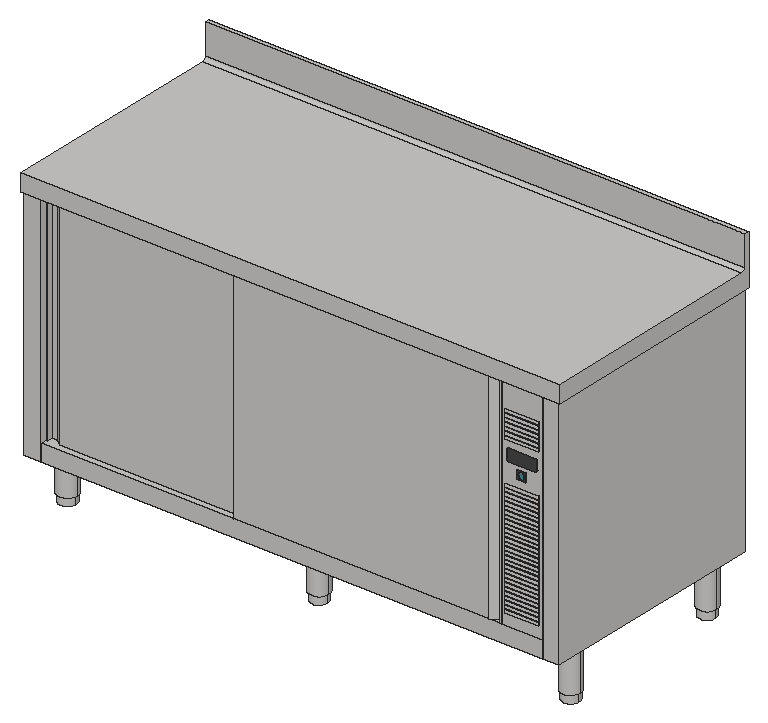
Revit family "QF_ELECTROLUXPROFESSIONAL_133095_TC1610EN", category Attrezzature speciali, Revit 2020
Family settings
  Quota connettore circolare = Usa diametro
  Tipo di parte = Normale
  Basato su piano di lavoro = No
  Sempre verticale = Sì
  Taglio con vuoti quando caricato = No
  Condiviso = No
  Punto di calcolo locali = No
Parameters (values of type "Standard")
  Weight = 65.00 kg
  Watts = 2400 W
  Volts = 220 V
  URL Manufacturer = "https://www.electroluxprofessional.com/"
  URL = "https://www.electroluxprofessional.com/"
  Steam Supply Size = 0 mm
  Steam Supply Minimum Pressure = 0.0 Pa
  Steam Supply Maximum Pressure = 0.0 Pa
  Steam Consumption per Hour = 0
  Refrigeration Suction Line Size = 0.0 mm
  Refrigeration Liquid Line Size = 0.0 mm
  Refrigerant Compressor Remote = yes
  Prospetto di default = 0.0 mm
  Produttore = "Electrolux Professional"
  Phase = 1
  Modello = "TC1610EN"
  Length Actual = 1600.0 mm  # constant formula
  Item Number = "133095"
  Hot Water Size = 0 mm
  Height Actual = 1000.0 mm  # constant formula
  HP = "3.2 HP"
  Gas Size = 0 mm
  Gas KW = 0
  Gas Input Pressure = 0 W
  Direct Waste Size = 0 mm
  Descrizione = "HOT CUPBOARD WITH UPSTAND 1600 MM"
  Depth Actual = 700.0 mm  # constant formula
  Cycle = 50 Hz
  Condensate Return Size = 0 mm
  Compressed Air Volume = 0.0 L/s
  Compressed Air Size = 0 mm
  Compressed Air Pressure = 0.0 Pa
  Cold Water Size = 0 mm
  Accessory = yes
Reference planes
  plane 1 "Center (Front/Back)": y = 0
  plane 2: z = 0
  plane 3 "Center (Left/Right)": x = -300
  plane 4 "LEFT": x = -1100
  plane 5 "RIGHT": x = 500
  plane 6 "BACK": y = 350
  plane 7 "FRONT": y = -350
  plane 8 "Base": z = 850
  plane 9 "TOP": z = 900
  plane 10: x = -1046.5
  plane 11: x = 446.5
  plane 12: y = 264.5
  plane 13: y = -241.5
  plane 14 "BodyLeft": x = -1094.5
  plane 15 "BodyFront": y = -344.5
  plane 16 "BodyRight": x = 494.5
  plane 17 "BodyBack": y = 344.5
  plane 18 "FEET": z = 150
  plane 19: x = 324.5
  plane 20: x = -361
  plane 21: x = 444.5
  plane 22 "EIx": x = 400
  plane 23 "EIy": y = -170
Forms (mm)
  Extrusion 1, solid, material "QF_Finishes_Stainless Steel"
    sketch origin (-300, 0, 0) x (0, 1, 0) y (0, 0, 1)
      loop
        line (-350, 850) -> (350, 850) -> (350, 1000) -> (337, 1000) -> (337, 910)
        arc (337, 910) -> (334.071, 902.929) -> (327, 900) r 10
        line (327, 900) -> (-350, 900) -> (-350, 850)
    from 800 to -800
  Extrusion 2, solid, material "QF_Finishes_Stainless Steel"
    sketch origin (0, 0, 150) x (-1, 0, 0) y (0, -1, 0)
      loop
        line (1094.5, -344.5) -> (1094.5, 344.5) -> (1044.5, 344.5) -> (1044.5, -344.5) -> (1094.5, -344.5)
      loop
        line (-444.5, -344.5) -> (-444.5, 344.5) -> (-494.5, 344.5) -> (-494.5, -344.5) -> (-444.5, -344.5)
    from 0 to 700
  Extrusion 3, solid, material "QF_Finishes_Stainless Steel"
    sketch origin (0, 0, 150) x (-1, 0, 0) y (0, -1, 0)
      loop
        line (1044.5, -344.5) -> (1044.5, 344.5) -> (-444.5, 344.5) -> (-444.5, -344.5) -> (1044.5, -344.5)
    from 0 to 50
  Extrusion 4, solid, material "QF_Finishes_Stainless Steel"
    sketch origin (-1, 0, 150) x (-1, 0, 0) y (0, -1, 0)
      loop
        line (-325.5, 344.5) -> (-325.5, 324.5) -> (470.5, 324.5) -> (470.5, 344.5) -> (-285.5, 344.5) -> (-305.5, 329.5) -> (-320.5, 329.5) -> (-320.5, 344.5) -> (-325.5, 344.5)
    from 50 to 700
  Extrusion 5, solid, material "QF_Finishes_Stainless Steel"
    sketch origin (1, 20, 150) x (1, 0, 0) y (0, 1, 0)
      loop
        line (-1045.5, -344.5) -> (-1040.5, -344.5) -> (-1040.5, -329.5) -> (-1025.5, -329.5) -> (-1005.5, -344.5) -> (-251.5, -344.5) -> (-251.5, -324.5) -> (-1045.5, -324.5) -> (-1045.5, -344.5)
    from 50 to 700
  Extrusion 6, solid, material "QF_Finishes_Stainless Steel"
    sketch origin (0, 0, 0) x (1, 0, 0) y (0, 1, 0)
      loop
        line (-1044.5, -304.5) -> (324.5, -304.5) -> (324.5, 324.5) -> (-1044.5, 324.5) -> (-1044.5, -304.5)
    from 500 to 540
  Extrusion 7, solid, material "QF_Finishes_Stainless Steel"
    sketch origin (0, 0, 0) x (1, 0, 0) y (0, 1, 0)
      loop
        line (444.5, 344.5) -> (-1044.5, 344.5) -> (-1044.5, 324.5) -> (444.5, 324.5) -> (444.5, 344.5)
    from 200 to 850
  Extrusion 8, solid, material "QF_Finishes_Stainless Steel"
    sketch origin (0, 0, 150) x (-1, 0, 0) y (0, -1, 0)
      loop
        circle (-400, 170) r 10
    from 0 to -5
Cuts and joins
  joined: Extrusion 3, Extrusion 7
Lines and regions (mm)
  symbolic lines
    curve 1: line (500, 350, 900) -> (-1100, 350, 900)
    curve 2: line (-1100, 350, 900) -> (-1100, -350, 900)
    curve 3: line (-1100, -350, 900) -> (500, -350, 900)
    curve 4: line (500, -350, 900) -> (500, 350, 900)
    curve 15: line (500, 337, 900) -> (-1100, 337, 900)
  symbolic lines, style "SpecialityEquipmentHiddenLines"
    curve 5: line (-1094.5, 344.5, 150) -> (494.5, 344.5, 150)
    curve 6: line (-1094.5, -344.5, 150) -> (-1094.5, 344.5, 150)
    curve 7: line (494.5, -344.5, 150) -> (-1094.5, -344.5, 150)
    curve 8: line (494.5, 344.5, 150) -> (494.5, -344.5, 150)
    curve 9: line (-1045.5, -304.5, 150) -> (-249.5, -304.5, 150)
    curve 10: line (-249.5, -304.5, 150) -> (-249.5, -324.5, 150)
    curve 11: line (-1045.5, -324.5, 150) -> (324.5, -324.5, 150)
    curve 12: line (324.5, -324.5, 150) -> (324.5, -344.5, 150)
    curve 13: line (-1045.5, -304.5, 150) -> (-1045.5, -324.5, 150)
    curve 14: line (-471.5, -344.5, 0) -> (-471.5, -324.5, 0)
Dimensions and locks
  plane 4 "LEFT" to plane 5 "RIGHT" = 1600.0 mm
  equal spacing: plane 4 "LEFT", plane 3 "Center (Left/Right)", plane 5 "RIGHT"
  locked: plane 8 "Base" to level at 850
  plane 6 "BACK" to plane 7 "FRONT" = 700.0 mm
  equal spacing: plane 6 "BACK", plane 1 "Center (Front/Back)", plane 7 "FRONT"
  locked: plane 4 "LEFT" to plane 14 "BodyLeft" at 5.5
  locked: plane 16 "BodyRight" to plane 5 "RIGHT" at 5.5
  locked: plane 15 "BodyFront" to plane 7 "FRONT" at 5.5
  locked: plane 6 "BACK" to plane 17 "BodyBack" at 5.5
  locked: plane 14 "BodyLeft" to plane 10 at 48
  locked: plane 11 to plane 16 "BodyRight" at 48
  locked: plane 13 to plane 15 "BodyFront" at 103
  locked: plane 17 "BodyBack" to plane 12 at 80
  plane 10 to plane 11 = 1493.0 mm
  plane 12 to plane 13 = 506.0 mm
  locked: plane 14 "BodyLeft" to Extrusion 2 sketch curve at 50
  locked: Extrusion 2 sketch curve to Extrusion 2 sketch curve at 50
  equal spacing: plane 10, plane 20, plane 19
  locked: plane 21 to plane 16 "BodyRight" at 50
  locked: plane 19 to plane 21 at 120
  locked: Extrusion 4 sketch curve to plane 20 at 110.5
  locked: plane 20 to Extrusion 5 sketch curve at 110.5
  locked: plane 18 "FEET" to level at 150
  locked: plane 22 "EIx" to plane 5 "RIGHT" at 100
  plane 23 "EIy" to plane 7 "FRONT" = 180.0 mm
  locked: Extrusion 1 to level at 1000
  plane 9 "TOP" to level = 900.0 mm
  aligned and locked: level to plane 2
  aligned and locked: plane 10 to nested 1
  aligned and locked: nested 1 to plane 13
  aligned and locked: plane 11 to nested 2
  aligned and locked: nested 2 to plane 13
  aligned and locked: plane 11 to nested 4
  aligned and locked: nested 4 to plane 12
  aligned and locked: plane 10 to nested 3
  aligned and locked: nested 3 to plane 12
  aligned and locked: Extrusion 1 to plane 4 "LEFT"
  aligned and locked: plane 5 "RIGHT" to Extrusion 1
  aligned and locked: curve 2 to plane 4 "LEFT"
  aligned and locked: plane 17 "BodyBack" to Extrusion 2 sketch curve
  aligned and locked: Extrusion 2 sketch curve to plane 15 "BodyFront"
  aligned and locked: Extrusion 2 sketch curve to plane 14 "BodyLeft"
  aligned and locked: plane 16 "BodyRight" to Extrusion 2 sketch curve
  aligned and locked: Extrusion 2 sketch curve to plane 17 "BodyBack"
  aligned and locked: plane 15 "BodyFront" to Extrusion 2 sketch curve
  aligned and locked: Extrusion 3 sketch curve to plane 17 "BodyBack"
  aligned and locked: plane 15 "BodyFront" to Extrusion 3 sketch curve
  aligned and locked: plane 8 "Base" to Extrusion 2
  aligned and locked: plane 8 "Base" to Extrusion 4
  aligned and locked: Extrusion 4 to Extrusion 3
  aligned and locked: Extrusion 1 to plane 8 "Base"
  aligned and locked: plane 9 "TOP" to Extrusion 1
  aligned and locked: curve 5 to plane 17 "BodyBack"
  aligned and locked: plane 14 "BodyLeft" to curve 6
  aligned and locked: plane 15 "BodyFront" to curve 7
  aligned and locked: plane 16 "BodyRight" to curve 8
  aligned and locked: Extrusion 3 to Extrusion 2  (x2)
  aligned and locked: Extrusion 6 sketch curve to Extrusion 2
  aligned and locked: Extrusion 6 sketch curve to Extrusion 5
  aligned and locked: nested 5 to plane 21
  aligned and locked: Extrusion 7 sketch curve to Extrusion 2
  aligned and locked: Extrusion 6 sketch curve to plane 19
  aligned and locked: plane 3 "Center (Left/Right)" to nested 6
  aligned and locked: plane 3 "Center (Left/Right)" to nested 7
Automatic sketch dimensions
  Extrusion 8 sketch curve to plane 22 "EIx" = 0.0 mm
  Extrusion 8 sketch curve to plane 23 "EIy" = 0.0 mm
  curve 14 to plane 15 "BodyFront" = 0.0 mm
  plane 15 "BodyFront" to curve 14 = 20.0 mm
  curve 14 to plane 20 = 110.5 mm
  curve 3 to plane 7 "FRONT" = 0.0 mm
  curve 15 to plane 5 "RIGHT" = 0.0 mm
  curve 4 to plane 6 "BACK" = 0.0 mm
  curve 15 to plane 17 "BodyBack" = 7.5 mm
  Extrusion 1 sketch curve to plane 7 "FRONT" = 0.0 mm
  Extrusion 1 sketch curve to plane 9 "TOP" = 0.0 mm
  Extrusion 1 sketch curve to plane 6 "BACK" = 0.0 mm
  Extrusion 1 sketch curve to plane 8 "Base" = 0.0 mm
  Extrusion 1 sketch curve to plane 17 "BodyBack" = 17.5 mm
  Extrusion 1 sketch curve to plane 17 "BodyBack" = 7.5 mm
  Extrusion 1 sketch curve to Extrusion 1 sketch curve = 90.0 mm
  Extrusion 3 sketch curve to plane 21 = 0.0 mm
  plane 10 to Extrusion 3 sketch curve = 2.0 mm
  Extrusion 4 sketch curve to plane 19 = 0.0 mm
  Extrusion 4 sketch curve to plane 15 "BodyFront" = 0.0 mm  (x2)
  Extrusion 4 sketch curve to Extrusion 4 sketch curve = 5.0 mm
  Extrusion 4 sketch curve to Extrusion 4 sketch curve = 15.0 mm  (x2)
  Extrusion 4 sketch curve to Extrusion 4 sketch curve = 20.0 mm
  plane 15 "BodyFront" to Extrusion 4 sketch curve = 20.0 mm
  Extrusion 5 sketch curve to plane 15 "BodyFront" = 20.0 mm  (x2)
  Extrusion 5 sketch curve to plane 10 = 42.0 mm
  Extrusion 5 sketch curve to plane 10 = 22.0 mm
  Extrusion 5 sketch curve to plane 10 = 7.0 mm
  Extrusion 5 sketch curve to plane 10 = 2.0 mm
  Extrusion 5 sketch curve to Extrusion 5 sketch curve = 15.0 mm
  Extrusion 5 sketch curve to Extrusion 5 sketch curve = 20.0 mm
  Extrusion 6 sketch curve to plane 17 "BodyBack" = 20.0 mm
  Extrusion 7 sketch curve to plane 21 = 0.0 mm
  Extrusion 7 sketch curve to plane 17 "BodyBack" = 0.0 mm
  Extrusion 7 sketch curve to Extrusion 7 sketch curve = 20.0 mm
  curve 11 to plane 19 = 0.0 mm
  curve 7 to plane 15 "BodyFront" = 0.0 mm
  plane 3 "Center (Left/Right)" to curve 10 = 50.5 mm
  plane 10 to curve 13 = 1.0 mm
  plane 15 "BodyFront" to curve 9 = 40.0 mm
  plane 15 "BodyFront" to curve 13 = 20.0 mm
  radius of Extrusion 8 sketch curve = 10.0 mm
Nested families
  nested 1: "FEET_D58-150" at (-1046.5, -241.5, 0), type "FEET_D58-150"
  nested 2: "FEET_D58-150" at (446.5, -241.5, 0), type "FEET_D58-150"
  nested 3: "FEET_D58-150" at (-1046.5, 264.5, 0), type "FEET_D58-150"
  nested 4: "FEET_D58-150" at (446.5, 264.5, 0), type "FEET_D58-150"
  nested 5: "WT_PNL120x650" at (531.42, -304.5, 600) x (1, 0, 0) z (0, -1, 0), type "WT_PNL120x650"
    with Show Logo yes
  nested 6: "FEET_D58-150" at (-300, -241.5, 0), type "FEET_D58-150"
  nested 7: "FEET_D58-150" at (-300, 264.5, 0), type "FEET_D58-150"
Connectors
  electrical at (400, -170, 145)
    settings: on Extrusion 8, index 1, voltage 0 V, apparent load 0 VA, apparent load phase1 0 VA, apparent load phase2 0 VA, apparent load phase3 0 VA, power factor 1, load classification "Other", number of poles 1, system type 30, power factor state 1, is connector primary yes, connector utility no, sub classification motor no, connector description "Electrical connection"
Definition of nested family "FEET_D58-150"
  Parameters
    Default Elevation = 0.0 mm
    FEET = 150.0 mm
  Reference planes
    plane 1 "Center (Front/Back)": y = 0
    plane 2: z = 0
    plane 3 "Center (Left/Right)": x = 0
    plane 4: z = 150
  Forms (mm)
    Extrusion 1, solid
      sketch origin (0, 0, 0) x (1, 0, 0) y (0, 1, 0)
        loop
          circle (0, 0) r 25
      from 0 to 25
    Extrusion 2, solid
      sketch origin (0, 0, 0) x (1, 0, 0) y (0, 1, 0)
        loop
          circle (0.061, 0) r 29
      from 25 to 150 <- "FEET"
  Lines and regions (mm)
    symbolic lines
      curve 1: line (0, -1.503, 0) -> (0, 1.508, 0)
      curve 2: line (1.561, 0, 0) -> (-1.439, 0, 0)
  Dimensions and locks
    "FEET": plane 4 to plane 2
    aligned and locked: level to plane 2
  Automatic sketch dimensions
    plane 1 "Center (Front/Back)" to Extrusion 1 sketch curve = 0.0 mm
    Extrusion 1 sketch curve to plane 3 "Center (Left/Right)" = 0.0 mm
    plane 1 "Center (Front/Back)" to curve 2 = 0.0 mm
    curve 1 to plane 3 "Center (Left/Right)" = 0.0 mm
    curve 2 to plane 3 "Center (Left/Right)" = 1.439 mm
    plane 3 "Center (Left/Right)" to curve 2 = 1.561 mm
    plane 1 "Center (Front/Back)" to curve 1 = 1.503 mm
    curve 1 to plane 1 "Center (Front/Back)" = 1.508 mm
    plane 1 "Center (Front/Back)" to Extrusion 2 sketch curve = 0.0 mm
    plane 3 "Center (Left/Right)" to Extrusion 2 sketch curve = 0.061 mm
    radius of Extrusion 1 sketch curve = 25.0 mm
    radius of Extrusion 2 sketch curve = 29.0 mm
Definition of nested family "WT_PNL120x650"
  Parameters
    Show Logo [instance] = yes
    Default Elevation = 1219.2 mm
  Reference planes
    plane 1 "Center (Front/Back)": y = -75
    plane 2: z = 0
    plane 3 "Center (Left/Right)": x = -146.92
    plane 4: x = -206.92
    plane 5: x = -86.92
    plane 6: y = 250
    plane 7: y = -400
    plane 8 "TOP": z = 40
  Forms (mm)
    Extrusion 1, solid
      sketch origin (0, 0, 0) x (1, 0, 0) y (0, 1, 0)
        loop
          line (-1219.2, 1219.2) -> (-1219.2, -1219.2) -> (1219.2, -1219.2) -> (1219.2, 1219.2) -> (-1219.2, 1219.2)
      from 0 to -304.8
    Extrusion 2, solid
      sketch origin (0, 0, 0) x (1, 0, 0) y (0, 1, 0)
        loop
          line (-206.92, 250) -> (-206.92, -400) -> (-86.92, -400) -> (-86.92, 250) -> (-206.92, 250)
      from 0 to 40
    Extrusion 3, void
      sketch origin (0, 0, 40) x (-1, 0, 0) y (0, -1, 0)
        loop
          arc (101.92, -68.899) -> (103.795, -73.256) -> (108.247, -74.89) r 6
          line (108.247, -74.89) -> (185.92, -74.89)
          arc (185.92, -74.89) -> (190.163, -73.133) -> (191.92, -68.89) r 6
          line (191.92, -68.89) -> (191.92, -45.89)
          arc (191.92, -45.89) -> (190.163, -41.648) -> (185.92, -39.89) r 6
          line (185.92, -39.89) -> (107.92, -39.89)
          arc (107.92, -39.89) -> (103.677, -41.648) -> (101.92, -45.89) r 6
          line (101.92, -45.89) -> (101.92, -68.899)
        loop
          line (158.92, -27.89) -> (158.92, -2.89) -> (134.92, -2.89) -> (134.92, -27.89) -> (158.92, -27.89)
      from -2 to 0
    Extrusion 4, solid
      sketch origin (0, 0, 40) x (-1, 0, 0) y (0, -1, 0)
        loop
          line (185.92, -39.89) -> (107.92, -39.89)
          arc (107.92, -39.89) -> (103.677, -41.648) -> (101.92, -45.89) r 6
          line (101.92, -45.89) -> (101.92, -68.899)
          arc (101.92, -68.899) -> (103.795, -73.256) -> (108.247, -74.89) r 6
          line (108.247, -74.89) -> (185.92, -74.89)
          arc (185.92, -74.89) -> (190.163, -73.133) -> (191.92, -68.89) r 6
          line (191.92, -68.89) -> (191.92, -45.89)
          arc (191.92, -45.89) -> (190.163, -41.648) -> (185.92, -39.89) r 6
      from -2 to 1
    Extrusion 5, solid
      sketch origin (-146.92, 0, 0) x (0, 1, 0) y (0, 0, 1)
        loop
          line (95.896, 40) -> (104.899, 40) -> (95.896, 41.206) -> (95.896, 40)
        loop
          line (107.896, 40) -> (116.899, 40) -> (107.896, 41.206) -> (107.896, 40)
        loop
          line (119.896, 40) -> (128.899, 40) -> (119.896, 41.206) -> (119.896, 40)
        loop
          line (131.896, 40) -> (140.899, 40) -> (131.896, 41.206) -> (131.896, 40)
        loop
          line (143.896, 40) -> (152.899, 40) -> (143.896, 41.206) -> (143.896, 40)
        loop
          line (155.896, 40) -> (164.899, 40) -> (155.896, 41.206) -> (155.896, 40)
        loop
          line (167.896, 40) -> (176.899, 40) -> (167.896, 41.206) -> (167.896, 40)
        loop
          line (-102.104, 40) -> (-93.101, 40) -> (-102.104, 41.206) -> (-102.104, 40)
        loop
          line (-90.104, 40) -> (-81.101, 40) -> (-90.104, 41.206) -> (-90.104, 40)
        loop
          line (-78.104, 40) -> (-69.101, 40) -> (-78.104, 41.206) -> (-78.104, 40)
        loop
          line (-66.104, 40) -> (-57.101, 40) -> (-66.104, 41.206) -> (-66.104, 40)
        loop
          line (-54.104, 40) -> (-45.101, 40) -> (-54.104, 41.206) -> (-54.104, 40)
        loop
          line (-42.104, 40) -> (-33.101, 40) -> (-42.104, 41.206) -> (-42.104, 40)
        loop
          line (-30.104, 40) -> (-21.101, 40) -> (-30.104, 41.206) -> (-30.104, 40)
        loop
          line (-174.104, 40) -> (-165.101, 40) -> (-174.104, 41.206) -> (-174.104, 40)
        loop
          line (-162.104, 40) -> (-153.101, 40) -> (-162.104, 41.206) -> (-162.104, 40)
        loop
          line (-150.104, 40) -> (-141.101, 40) -> (-150.104, 41.206) -> (-150.104, 40)
        loop
          line (-138.104, 40) -> (-129.101, 40) -> (-138.104, 41.206) -> (-138.104, 40)
        loop
          line (-126.104, 40) -> (-117.101, 40) -> (-126.104, 41.206) -> (-126.104, 40)
        loop
          line (-114.104, 40) -> (-105.101, 40) -> (-114.104, 41.206) -> (-114.104, 40)
        loop
          line (-246.104, 40) -> (-237.101, 40) -> (-246.104, 41.206) -> (-246.104, 40)
        loop
          line (-234.104, 40) -> (-225.101, 40) -> (-234.104, 41.206) -> (-234.104, 40)
        loop
          line (-222.104, 40) -> (-213.101, 40) -> (-222.104, 41.206) -> (-222.104, 40)
        loop
          line (-210.104, 40) -> (-201.101, 40) -> (-210.104, 41.206) -> (-210.104, 40)
        loop
          line (-198.104, 40) -> (-189.101, 40) -> (-198.104, 41.206) -> (-198.104, 40)
        loop
          line (-186.104, 40) -> (-177.101, 40) -> (-186.104, 41.206) -> (-186.104, 40)
        loop
          line (-318.104, 40) -> (-309.101, 40) -> (-318.104, 41.206) -> (-318.104, 40)
        loop
          line (-306.104, 40) -> (-297.101, 40) -> (-306.104, 41.206) -> (-306.104, 40)
        loop
          line (-294.104, 40) -> (-285.101, 40) -> (-294.104, 41.206) -> (-294.104, 40)
        loop
          line (-282.104, 40) -> (-273.101, 40) -> (-282.104, 41.206) -> (-282.104, 40)
        loop
          line (-270.104, 40) -> (-261.101, 40) -> (-270.104, 41.206) -> (-270.104, 40)
        loop
          line (-258.104, 40) -> (-249.101, 40) -> (-258.104, 41.206) -> (-258.104, 40)
        loop
          line (-366.104, 40) -> (-357.101, 40) -> (-366.104, 41.206) -> (-366.104, 40)
        loop
          line (-354.104, 40) -> (-345.101, 40) -> (-354.104, 41.206) -> (-354.104, 40)
        loop
          line (-342.104, 40) -> (-333.101, 40) -> (-342.104, 41.206) -> (-342.104, 40)
        loop
          line (-330.104, 40) -> (-321.101, 40) -> (-330.104, 41.206) -> (-330.104, 40)
      from -50 to 50
    Extrusion 6, solid
      sketch origin (0, 0, 40) x (-1, 0, 0) y (0, -1, 0)
        loop
          line (134.92, -27.89) -> (158.92, -27.89) -> (158.92, -2.89) -> (134.92, -2.89) -> (134.92, -27.89)
        loop
          circle (146.92, -15.39) r 9
      from -2 to 3
    Extrusion 7, solid
      sketch origin (0, 0, 40) x (-1, 0, 0) y (0, -1, 0)
        loop
          circle (146.92, -15.39) r 9
      from 0 to 3
  Cuts and joins
    Extrusion 3 cuts Extrusion 2
  Dimensions and locks
    equal spacing: plane 6, plane 1 "Center (Front/Back)", plane 7
    equal spacing: plane 4, plane 3 "Center (Left/Right)", plane 5
    plane 8 "TOP" to level = 40.0 mm
    aligned and locked: plane 2 to Extrusion 1
    aligned and locked: level to Extrusion 1
  Automatic sketch dimensions
    Extrusion 1 sketch curve to Extrusion 1 sketch curve = 2438.4 mm  (x2)
    Extrusion 2 sketch curve to plane 4 = 0.0 mm
    Extrusion 2 sketch curve to plane 5 = 0.0 mm
    Extrusion 2 sketch curve to plane 7 = 0.0 mm
    Extrusion 2 sketch curve to plane 6 = 0.0 mm
    Extrusion 5 sketch curve to plane 8 "TOP" = 0.0 mm  (x36)
    Extrusion 5 sketch curve to Extrusion 5 sketch curve = 9.003 mm  (x35)
    plane 8 "TOP" to Extrusion 5 sketch curve = 1.206 mm  (x22)
    Extrusion 5 sketch curve to Extrusion 5 sketch curve = 2.997 mm  (x33)
    plane 1 "Center (Front/Back)" to Extrusion 5 sketch curve = 6.101 mm
    plane 1 "Center (Front/Back)" to Extrusion 5 sketch curve = 3.104 mm
    Extrusion 5 sketch curve to plane 1 "Center (Front/Back)" = 5.899 mm
    Extrusion 5 sketch curve to Extrusion 5 sketch curve = 116.997 mm
    Extrusion 5 sketch curve to Extrusion 5 sketch curve = 1.206 mm  (x14)
    Extrusion 4 sketch curve to plane 5 = 15.0 mm
    Extrusion 4 sketch curve to Extrusion 4 sketch curve = 6.0 mm  (x3)
    Extrusion 4 sketch curve to Extrusion 4 sketch curve = 0.327 mm
    plane 4 to Extrusion 4 sketch curve = 21.0 mm  (x2)
    Extrusion 4 sketch curve to plane 1 "Center (Front/Back)" = 149.89 mm
    Extrusion 4 sketch curve to Extrusion 4 sketch curve = 23.009 mm
    Extrusion 3 sketch curve to plane 5 = 15.0 mm
    Extrusion 3 sketch curve to Extrusion 3 sketch curve = 6.0 mm  (x3)
    Extrusion 3 sketch curve to Extrusion 3 sketch curve = 0.327 mm
    plane 3 "Center (Left/Right)" to Extrusion 3 sketch curve = 12.0 mm
    Extrusion 3 sketch curve to plane 3 "Center (Left/Right)" = 12.0 mm
    plane 4 to Extrusion 3 sketch curve = 21.0 mm  (x2)
    Extrusion 3 sketch curve to plane 1 "Center (Front/Back)" = 149.89 mm
    Extrusion 3 sketch curve to Extrusion 3 sketch curve = 23.0 mm
    Extrusion 3 sketch curve to Extrusion 3 sketch curve = 12.0 mm
    Extrusion 3 sketch curve to Extrusion 3 sketch curve = 25.0 mm
    Extrusion 6 sketch curve to plane 3 "Center (Left/Right)" = 0.0 mm
    plane 3 "Center (Left/Right)" to Extrusion 6 sketch curve = 12.0 mm
    Extrusion 6 sketch curve to plane 3 "Center (Left/Right)" = 12.0 mm
    Extrusion 6 sketch curve to plane 1 "Center (Front/Back)" = 102.89 mm
    Extrusion 6 sketch curve to Extrusion 6 sketch curve = 12.5 mm  (x2)
    Extrusion 7 sketch curve to plane 3 "Center (Left/Right)" = 0.0 mm
    Extrusion 7 sketch curve to plane 1 "Center (Front/Back)" = 90.39 mm
    radius of Extrusion 6 sketch curve = 9.0 mm
    radius of Extrusion 7 sketch curve = 9.0 mm
